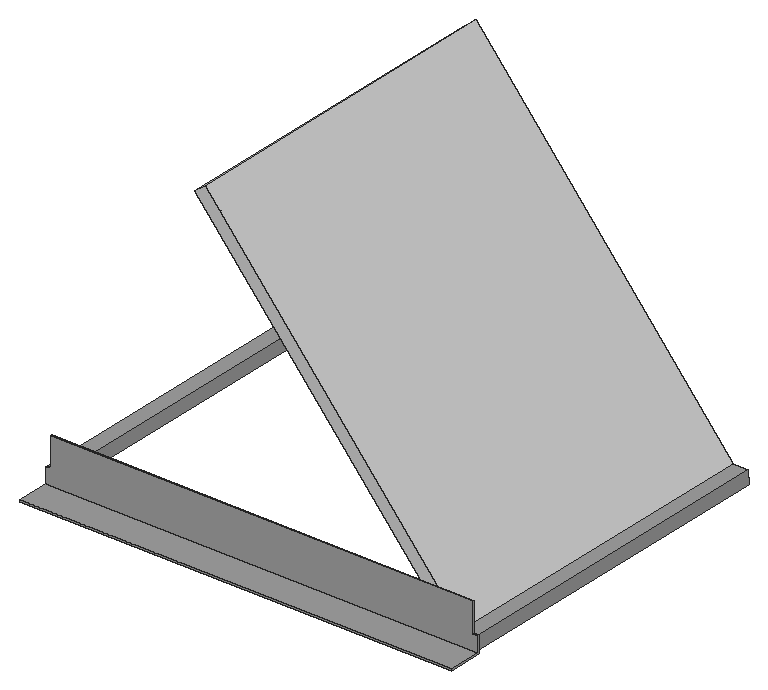
Revit family "1SE_Trez_Door_Sgl_Half_D1H", category Specialty Equipment, host Face, Revit 2019
Family settings
  Host = Face
  Round Connector Dimension = Use Diameter
  Part Type = Normal
  Cut with Voids When Loaded = No
  Shared = No
  Room Calculation Point = No
Parameters (values of type "1300x1100mm")
  Thickness = 45 mm  # constant formula
  Swing Angle [instance] = 50.00°
  Side Profiles = 50 mm  # constant formula
  Clear Width = 1300 mm
  Wall Thickness [instance] = 18 mm
  URL = "https://trez.bg/en/products/"
  Real Width = if(Clear Width < 650 mm, 650 mm, if(Clear Width > 1400 mm, 1400 mm, Clear Width))  # 1300 mm
  Real Height = if(Clear Height < 1100 mm, 1100 mm, if(Clear Height > 1200 mm, 1200 mm, Clear Height))  # 1100 mm
  Model = "D1 Half"
  Manufacturer = "TREZ Ltd."
  Panel Material = TREZ_Steel_Door_Panel
  Clear Height = 1100 mm
  Frame Material = TREZ_Steel_Frame
  Description = "Single Door side hinged. (Half) Industrial lift door made via a new technology without welding. The locks and the hinges are outside the door for a 180-degree opening. The door complies with ЕN81-20 and EN 81-50. The door lock has a CE mark for safety regarding Lifts Directive 2014/33/EU or 2006/42/EC."  # constant formula
  Default Elevation = 0 mm  # constant formula
  Created By URL = "https://all1studio.com/"
  Created By = "All 1 Studio Ltd."
Types (2, lengths in mm): name | Clear Width | Real Width
  1300x1100mm | 1300 | 1300
  1700x1100mm | 1700 | 1400
Reference planes
  plane 1 "Bottom": y = 0
  plane 2: z = 0
  plane 3 "Center (Left/Right)": x = 0
  plane 4 "Top": y = 1100
  plane 5 "Left": x = -650
  plane 6 "Right": x = 650
  plane 7: z = -18
  plane 8: y = 5
  plane 9: z = 12
  plane 10: x = 700
  plane 11: x = -700
  plane 12: x = -685
  plane 13: x = 685
  plane 14: z = 106
  plane 15: y = -105
  plane 16: y = 552.5
  plane 17: z = -33
  plane 18: z = -44
  plane 19: z = -39
Forms (mm)
  Extrusion 1, void
    sketch origin (0, 0, 0) x (1, 0, 0) y (0, 1, 0)
      loop
        line (700, 0) -> (700, 1100) -> (-700, 1100) -> (-700, 0) -> (700, 0)
    from 0 to -18
  Extrusion 2, solid, material "TREZ_Steel_Frame" <- "Frame Material"
    sketch origin (0, 0, 0) x (1, 0, 0) y (0, 0, 1)
      loop
        line (-700, 12) -> (-700, -33) -> (-650, -33) -> (-650, 12) -> (-700, 12)
      loop
        line (650, 12) -> (650, -33) -> (700, -33) -> (700, 12) -> (650, 12)
    from -5 to -1100
  Extrusion 3, solid, material "TREZ_Steel_Frame" <- "Frame Material"
    sketch origin (0, 0, 0) x (0, 1, 0) y (0, 0, 1)
      loop
        line (5, 106) -> (0, 106) -> (0, -39) -> (-105, -39) -> (-105, -44) -> (5, -44) -> (5, 106)
    from -700 to 700
  Extrusion 4, void
    sketch origin (0, 0, 0) x (1, 0, 0) y (0, 0, 1)
      loop
        line (685, 12) -> (700, 12) -> (700, 106) -> (685, 106) -> (685, 12)
      loop
        line (-685, 12) -> (-685, 106) -> (-700, 106) -> (-700, 12) -> (-685, 12)
    from -5 to 0
Cuts and joins
  Extrusion 4 cuts Extrusion 3
Lines and regions (mm)
  symbolic lines, style "Door Panel"
    curve 1: line (650, 0, 12) -> (1950, 0, 12)
    curve 2: line (1950, 0, 12) -> (1950, 0, 57)
    curve 3: line (1950, 0, 57) -> (650, 0, 57)
    curve 4: line (650, 0, 57) -> (650, 0, 12)
  symbolic lines, style "Door Swing"
    curve 5: arc (1950, 0, 12) -> (650, 0, 1312) -> (-650, 0, 12) r 1300
  symbolic lines, style "Elevation Swing"
    curve 6: line (650, 1100, 0) -> (-650, 552.5, 0)
    curve 7: line (-650, 552.5, 0) -> (650, 5, 0)
  reference lines
    curve 8: line (650, 0, 12) -> (-54.449, 0, 851.53)
  symbolic lines, style "Door Frame"
    curve 9: line (-650, 0, 12) -> (-700, 0, 12)
    curve 10: line (-650, 0, -33) -> (-650, 0, 12)
    curve 11: line (-700, 0, -33) -> (-650, 0, -33)
    curve 12: line (-700, 0, 12) -> (-700, 0, -33)
    curve 13: line (650, 0, 12) -> (700, 0, 12)
    curve 14: line (650, 0, -33) -> (650, 0, 12)
    curve 15: line (700, 0, -33) -> (650, 0, -33)
    curve 16: line (700, 0, 12) -> (700, 0, -33)
Dimensions and locks
  "Real Height": plane 1 "Bottom" to plane 4 "Top"
  equal spacing: plane 5 "Left", plane 3 "Center (Left/Right)", plane 6 "Right"
  "Real Width": plane 5 "Left" to plane 6 "Right"
  "Wall Thickness": level to plane 7
  locked: plane 8 to plane 1 "Bottom" at 5
  locked: plane 9 to plane 2 at 12
  "Thickness": plane 9 to plane 17
  "Side Profiles": plane 11 to plane 5 "Left"
  "Side Profiles": plane 6 "Right" to plane 10
  "Real Width": plane 6 "Right" to curve 2
  "Thickness": curve 3 to curve 1
  locked: plane 6 "Right" to plane 13 at 35
  locked: plane 12 to plane 5 "Left" at 35
  locked: plane 8 to plane 15 at 110
  locked: plane 14 to plane 2 at 106
  equal spacing: plane 4 "Top", plane 16, plane 8
  locked: plane 18 to plane 19 at 5
  locked: plane 19 to plane 7 at 21
  "Swing Angle": angle curve 8 to plane 9
  aligned and locked: host face to plane 2
  aligned and locked: level to host face
  aligned and locked: Extrusion 1 sketch curve to plane 1 "Bottom"
  aligned and locked: level to Extrusion 1
  aligned and locked: plane 7 to Extrusion 1
  aligned and locked: Extrusion 2 sketch curve to plane 9  (x2)
  aligned and locked: Extrusion 2 sketch curve to plane 5 "Left"
  aligned and locked: Extrusion 2 sketch curve to plane 6 "Right"
  aligned and locked: plane 4 "Top" to Extrusion 2
  aligned and locked: Extrusion 2 sketch curve to plane 11
  aligned and locked: plane 10 to Extrusion 2 sketch curve
  aligned and locked: plane 10 to Extrusion 1 sketch curve
  aligned and locked: Extrusion 1 sketch curve to plane 11
  aligned and locked: plane 8 to Extrusion 3 sketch curve
  aligned and locked: plane 1 "Bottom" to Extrusion 3 sketch curve
  aligned and locked: plane 14 to Extrusion 3 sketch curve
  aligned and locked: plane 15 to Extrusion 3 sketch curve
  aligned and locked: Extrusion 2 to Extrusion 3
  aligned and locked: plane 8 to Extrusion 2
  aligned and locked: Extrusion 4 sketch curve to plane 9
  aligned and locked: plane 9 to Extrusion 4 sketch curve
  aligned and locked: plane 13 to Extrusion 4 sketch curve
  aligned and locked: Extrusion 4 sketch curve to plane 12
  aligned and locked: Extrusion 4 sketch curve to plane 11
  aligned and locked: Extrusion 4 sketch curve to plane 10
  aligned and locked: Extrusion 4 sketch curve to plane 14  (x2)
  aligned and locked: Extrusion 4 to plane 8
  aligned and locked: plane 11 to cut or joined group of Extrusion 3, Extrusion 4
  aligned and locked: cut or joined group of Extrusion 3, Extrusion 4 to plane 10
  aligned and locked: plane 9 to curve 5
  aligned and locked: plane 5 "Left" to curve 5
  aligned and locked: plane 6 "Right" to curve 7
  aligned and locked: plane 8 to curve 7
  aligned and locked: plane 4 "Top" to curve 6
  aligned and locked: plane 6 "Right" to curve 6
  aligned and locked: plane 16 to curve 7
  aligned and locked: plane 5 "Left" to curve 7
  aligned and locked: plane 17 to Extrusion 2 sketch curve  (x2)
  aligned and locked: Extrusion 1 sketch curve to plane 4 "Top"
  aligned and locked: plane 9 to curve 8
  aligned and locked: plane 6 "Right" to curve 8
  aligned and locked: plane 5 "Left" to curve 10
  aligned and locked: curve 11 to plane 17
  aligned and locked: plane 11 to curve 12
  aligned and locked: plane 9 to curve 13
  aligned and locked: curve 14 to plane 6 "Right"
  aligned and locked: plane 17 to curve 15
  aligned and locked: plane 10 to curve 16
Automatic sketch dimensions
  host sketch curve to host sketch curve = 4515.6 mm
  host sketch curve to host sketch curve = 2319.2 mm
  Extrusion 3 sketch curve to plane 17 = 6 mm
  Extrusion 3 sketch curve to Extrusion 3 sketch curve = 5 mm
Nested families
  nested 1: "Solid Swing" at (135.77, 0, 624.836) x (0.6428, 0, -0.766) z (0, 1, 0), type "Stadnard"
    with Height 1100 mm
Definition of nested family "Solid Swing"
  Parameters (values of type "Stadnard")
    Width = 1300 mm
    Thickness = 45 mm
    Swing Material = none
    Height = 2400 mm
    Default Elevation = 1219.2 mm
  Reference planes
    plane 1 "Front": y = 0
    plane 2: z = 0
    plane 3 "Center (Left/Right)": x = 150
    plane 4 "Left": x = -500
    plane 5 "Right": x = 800
    plane 6 "Back": y = -45
    plane 7: z = 2400
    plane 8: z = 1992
    plane 9: z = 408
    plane 10: z = 5
  Forms (mm)
    Extrusion 1, solid, material <- "Swing Material"
      sketch origin (0, 0, 0) x (1, 0, 0) y (0, 0, 1)
        loop
          line (800, 2400) -> (-500, 2400) -> (-500, 5) -> (800, 5) -> (800, 2400)
      from 45 to 0
  Dimensions and locks
    equal spacing: plane 4 "Left", plane 3 "Center (Left/Right)", plane 5 "Right"
    "Width": plane 4 "Left" to plane 5 "Right"
    "Thickness": plane 6 "Back" to plane 1 "Front"
    "Height": plane 7 to plane 2
    plane 7 to plane 8 = 408 mm
    plane 9 to plane 2 = 408 mm
    locked: plane 10 to plane 2 at 5
    aligned and locked: level to plane 2
    aligned and locked: Extrusion 1 sketch curve to plane 4 "Left"
    aligned and locked: plane 7 to Extrusion 1 sketch curve
    aligned and locked: Extrusion 1 sketch curve to plane 5 "Right"
    aligned and locked: Extrusion 1 to plane 10
  Automatic sketch dimensions
    level to Extrusion 1 sketch curve = 5 mm
